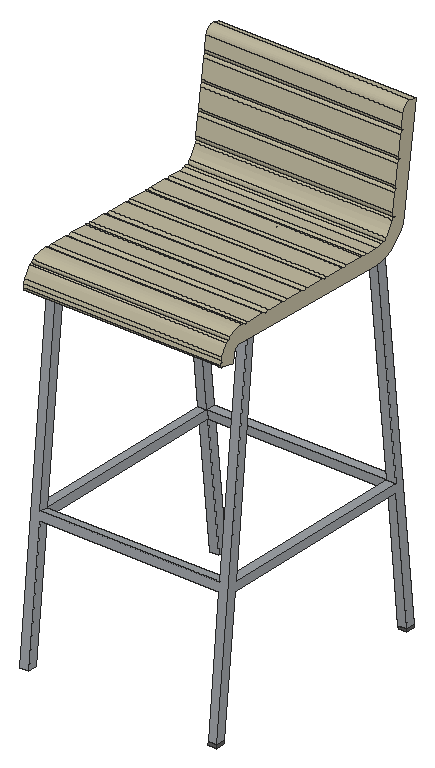
Revit family
Parameters
  URL = "http://www.martinbrattrud.com"
  SCS Certified Product = "Yes"
  Model = "Delaney 1030-03HD"
  Manufacturer = "Martin Brattrud, Inc."
  Leg [instance] = none
  Keynote = "125000"
  Copyright = "© 2013 Martin Brattrud, Inc."
  Chair [instance] = none
  Foot [instance] = none
  Authoring Version = "Revit Architecture 2010"
  Assembly Code = "E2020200"
Reference planes (in)
  plane 1 "Center Front/Back": y = 0
  plane 2: z = 0
  plane 3 "Center Left/Right": x = 0
Forms (in)
  Extrusion 1, solid, material <- "Leg"
    sketch origin (0, 0, 0) x (0, 1, 0) y (0, 0, 1)
      loop
        line (10.59881, 0.25) -> (7.48999, 29.8284) -> (6.7441, 29.75) -> (8.60952, 11.99984) -> (-8.60955, 11.99984) -> (-6.69962, 30.1716) -> (-7.44551, 30.25) -> (-10.59864, 0.25) -> (-9.84451, 0.25) -> (-8.68838, 11.24984) -> (8.68834, 11.24984) -> (9.84435, 0.25) -> (10.59881, 0.25)
    from -8.5 to -7.75
  Extrusion 2, solid, material <- "Leg"
    sketch origin (0, 0, 0) x (0, 1, 0) y (0, 0, -1)
      loop
        line (10.59881, -0.25) -> (9.84435, -0.25) -> (8.68834, -11.24984) -> (-8.68838, -11.24984) -> (-9.84451, -0.25) -> (-10.59864, -0.25) -> (-7.44551, -30.25) -> (-6.69962, -30.1716) -> (-8.60955, -11.99984) -> (8.60952, -11.99984) -> (6.7441, -29.75) -> (7.48999, -29.8284) -> (10.59881, -0.25)
    from -8.5 to -7.75
  Extrusion 3, solid, material <- "Leg"
    sketch origin (0, 0, 0) x (0, 1, 0) y (0, 0, 1)
      loop
        line (6.7441, 29.75) -> (-6.69962, 30.1716) -> (-6.77823, 29.4237) -> (6.82322, 28.99715) -> (6.7441, 29.75)
    from -5.625 to -4.875
  Extrusion 4, solid, material <- "Leg"
    sketch origin (0, 0, 0) x (0, 1, 0) y (0, 0, -1)
      loop
        line (6.7441, -29.75) -> (6.82322, -28.99715) -> (-6.77823, -29.4237) -> (-6.69962, -30.1716) -> (6.7441, -29.75)
    from -5.625 to -4.875
  Extrusion 5, solid, material <- "Leg"
    sketch origin (0, 0, 0) x (0, 1, 0) y (0, 0, 1)
      loop
        line (6.7441, 29.75) -> (6.82249, 29.00411) -> (7.56839, 29.0825) -> (7.48999, 29.8284) -> (6.7441, 29.75)
      loop
        line (-8.60955, 11.99984) -> (-9.35544, 12.07824) -> (-9.43384, 11.33234) -> (-8.68795, 11.25395) -> (-8.60955, 11.99984)
      loop
        line (-7.44551, 30.25) -> (-7.52391, 29.50411) -> (-6.77802, 29.42571) -> (-6.69962, 30.1716) -> (-7.44551, 30.25)
    from -7.75 to 7.75
  Sweep 6, solid, material <- "Chair"
    path origin (0, 0, 0) x (0, 1, 0) y (0, 0, 1)
      loop
        line (10.79864, 40.86481) -> (9.53519, 32.37964)
        arc (9.53519, 32.37964) -> (8.49094, 30.51887) -> (6.47387, 29.82294) r 3
        line (6.47387, 29.82294) -> (-8.09476, 30.27982)
        arc (-8.09476, 30.27982) -> (-8.59167, 30.11191) -> (-8.85704, 29.65948) r 0.75
        line (-8.85704, 29.65948) -> (-8.96271, 29.05566)
        arc (-8.96271, 29.05566) -> (-8.98836, 29.01597) -> (-9.03472, 29.00676) r 0.06061
    profile origin (0, 10.16692, 36.62222) x (0, 0.989095, -0.147277) y (1, 0, 0)
      loop
        spline (0, -0.0625) -> (0.00809, -0.06037) -> (0.01563, -0.05413) -> (0.0221, -0.04419) -> (0.02706, -0.03125) -> (0.03019, -0.01618) -> (0.03125, 0) -> (0.03019, 0.01618) -> (0.02706, 0.03125) -> (0.0221, 0.04419) -> (0.01563, 0.05413) -> (0.00809, 0.06037) -> (0, 0.0625)
        line (0, 0.0625) -> (0, -0.0625)
  Extrusion 7, solid, material <- "Foot"
    sketch origin (0, 0, 0) x (0, 1, 0) y (0, 0, 1)
      loop
        line (9.84435, 0.25) -> (9.87062, 0) -> (10.62508, 0) -> (10.59881, 0.25) -> (9.84435, 0.25)
      loop
        line (-10.59864, 0.25) -> (-10.62492, 0) -> (-9.87079, 0) -> (-9.84451, 0.25) -> (-10.59864, 0.25)
    from 7.75 to 8.5
  Extrusion 8, solid
    sketch origin (0, 15.94152, 5.11142) x (0, 1, 0) y (0, 0, 1)
      loop
        line (-24.90126, 23.88222) -> (-24.79048, 24.51522)
        arc (-24.79048, 24.51522) -> (-24.52408, 24.9694) -> (-24.02525, 25.13796) r 0.7529
        line (-24.02525, 25.13796) -> (-9.47211, 24.68157)
        arc (-9.47211, 24.68157) -> (-7.45504, 25.3775) -> (-6.41079, 27.23826) r 3
        line (-6.41079, 27.23826) -> (-5.14276, 35.75422) -> (-5.63707, 35.82782)
        arc (-5.63707, 35.82782) -> (-6.19397, 35.68865) -> (-6.48935, 35.19646) r 0.75
        line (-6.48935, 35.19646) -> (-6.6505, 34.11421)
        arc (-6.6505, 34.11421) -> (-6.59941, 33.90977) -> (-6.41872, 33.80134) r 0.27533
        arc (-6.41872, 33.80134) -> (-6.62341, 33.74847) -> (-6.73172, 33.56692) r 0.27798
        line (-6.73172, 33.56692) -> (-6.96795, 31.98043)
        arc (-6.96795, 31.98043) -> (-6.92385, 31.8038) -> (-6.76781, 31.71002) r 0.23798
        arc (-6.76781, 31.71002) -> (-6.94979, 31.64283) -> (-7.04351, 31.47298) r 0.27798
        line (-7.04351, 31.47298) -> (-7.28181, 29.87262)
        arc (-7.28181, 29.87262) -> (-7.23059, 29.68685) -> (-7.05862, 29.5999) r 0.23798
        arc (-7.05862, 29.5999) -> (-7.25613, 29.53505) -> (-7.35877, 29.35427) r 0.2885
        line (-7.35877, 29.35427) -> (-7.57673, 27.89046)
        arc (-7.57673, 27.89046) -> (-7.53409, 27.65377) -> (-7.35655, 27.49154) r 0.3754
        arc (-7.35655, 27.49154) -> (-7.51262, 27.49002) -> (-7.61471, 27.37195) r 0.18966
        arc (-7.61471, 27.37195) -> (-7.87272, 26.80578) -> (-8.27592, 26.33191) r 2.25
        arc (-8.27592, 26.33191) -> (-8.3767, 26.14006) -> (-8.32594, 25.92938) r 0.30755
        arc (-8.32594, 25.92938) -> (-8.53844, 26.08086) -> (-8.79834, 26.05722) r 0.3754
        arc (-8.79834, 26.05722) -> (-9.03321, 25.9777) -> (-9.28022, 25.95593) r 1.04201
        line (-9.28022, 25.95593) -> (-10.3405, 25.98918)
        arc (-10.3405, 25.98918) -> (-10.55342, 25.91576) -> (-10.66375, 25.71942) r 0.31681
        arc (-10.66375, 25.71942) -> (-10.71968, 25.91735) -> (-10.90511, 26.00635) r 0.25
        arc (-10.90511, 26.00635) -> (-11.72079, 26.02772) -> (-12.53634, 26.05342) r 153.5554
        arc (-12.53634, 26.05342) -> (-12.68884, 26.00796) -> (-12.78301, 25.87969) r 0.25
        arc (-12.78301, 25.87969) -> (-12.87011, 26.0143) -> (-13.02107, 26.06832) r 0.25
        arc (-13.02107, 26.06832) -> (-13.83524, 26.08706) -> (-14.64913, 26.11529) r 69.87322
        arc (-14.64913, 26.11529) -> (-14.83571, 26.04259) -> (-14.90908, 25.85627) r 0.25
        arc (-14.90908, 25.85627) -> (-14.99117, 26.04488) -> (-15.17957, 26.12746) r 0.28181
        line (-15.17957, 26.12746) -> (-16.80309, 26.19164)
        arc (-16.80309, 26.19164) -> (-17.03239, 26.10217) -> (-17.1227, 25.8732) r 0.30766
        arc (-17.1227, 25.8732) -> (-17.22525, 26.10789) -> (-17.46049, 26.2092) r 0.34867
        line (-17.46049, 26.2092) -> (-18.90934, 26.25351)
        arc (-18.90934, 26.25351) -> (-19.09649, 26.17762) -> (-19.1665, 25.98818) r 0.25
        arc (-19.1665, 25.98818) -> (-19.25611, 26.18286) -> (-19.45349, 26.26635) r 0.29662
        line (-19.45349, 26.26635) -> (-20.91199, 26.31095)
        arc (-20.91199, 26.31095) -> (-21.17736, 26.21566) -> (-21.30642, 25.96496) r 0.3846
        arc (-21.30642, 25.96496) -> (-21.38673, 26.21531) -> (-21.62468, 26.32712) r 0.32938
        line (-21.62468, 26.32712) -> (-23.13672, 26.37062)
        arc (-23.13672, 26.37062) -> (-23.34554, 26.29023) -> (-23.43489, 26.08509) r 0.28986
        arc (-23.43489, 26.08509) -> (-23.50804, 26.29607) -> (-23.71192, 26.38716) r 0.2811
        spline (-23.71192, 26.38716) -> (-23.95284, 26.38597) -> (-24.11699, 26.37729) -> (-24.23356, 26.36367) -> (-24.33124, 26.34757) -> (-24.42485, 26.33023) -> (-24.51401, 26.31152) -> (-24.59764, 26.29121) -> (-24.67683, 26.268) -> (-24.75526, 26.23934) -> (-24.83796, 26.20191) -> (-24.94931, 26.14123) -> (-25.1295, 26.03372)
        arc (-25.1295, 26.03372) -> (-25.21326, 25.91458) -> (-25.18293, 25.77214) r 0.18214
        arc (-25.18293, 25.77214) -> (-25.32931, 25.82133) -> (-25.47135, 25.76071) r 0.217
        spline (-25.47135, 25.76071) -> (-25.53209, 25.69975) -> (-25.58351, 25.6431) -> (-25.62785, 25.58874) -> (-25.66739, 25.53462) -> (-25.70437, 25.47873) -> (-25.74105, 25.41902) -> (-25.77881, 25.35379) -> (-25.8178, 25.28185) -> (-25.85803, 25.20202) -> (-25.89952, 25.11313) -> (-25.9423, 25.01403) -> (-25.98639, 24.90354)
        arc (-25.98639, 24.90354) -> (-26.03958, 24.74364) -> (-26.07809, 24.57959) r 1.85926
        line (-26.07809, 24.57959) -> (-26.13068, 24.27904)
        arc (-26.13068, 24.27904) -> (-26.10087, 24.14537) -> (-25.98527, 24.07193) r 0.17894
        line (-25.98527, 24.07193) -> (-24.90126, 23.88222)
    from -8.5 to 8.5
  Extrusion 9, void
    sketch origin (0, 0, 0) x (0, 1, 0) y (0, 0, 1)
      loop
        line (-8.95974, 28.99364) -> (-8.84896, 29.62664)
        arc (-8.84896, 29.62664) -> (-8.58256, 30.08081) -> (-8.08373, 30.24938) r 0.7529
        line (-8.08373, 30.24938) -> (6.46941, 29.79298)
        arc (6.46941, 29.79298) -> (8.48648, 30.48892) -> (9.53073, 32.34968) r 3
        line (9.53073, 32.34968) -> (10.79876, 40.86564) -> (10.30445, 40.93924)
        arc (10.30445, 40.93924) -> (9.74755, 40.80007) -> (9.45217, 40.30787) r 0.75
        line (9.45217, 40.30787) -> (9.29103, 39.22563)
        arc (9.29103, 39.22563) -> (9.34212, 39.02119) -> (9.5228, 38.91275) r 0.27533
        arc (9.5228, 38.91275) -> (9.31811, 38.85989) -> (9.2098, 38.67833) r 0.27798
        line (9.2098, 38.67833) -> (8.97357, 37.09185)
        arc (8.97357, 37.09185) -> (9.01767, 36.91522) -> (9.17371, 36.82144) r 0.23798
        arc (9.17371, 36.82144) -> (8.99173, 36.75424) -> (8.89801, 36.5844) r 0.27798
        line (8.89801, 36.5844) -> (8.65972, 34.98403)
        arc (8.65972, 34.98403) -> (8.71093, 34.79826) -> (8.8829, 34.71131) r 0.23798
        arc (8.8829, 34.71131) -> (8.68539, 34.64646) -> (8.58275, 34.46569) r 0.2885
        line (8.58275, 34.46569) -> (8.36479, 33.00188)
        arc (8.36479, 33.00188) -> (8.40743, 32.76519) -> (8.58497, 32.60295) r 0.3754
        arc (8.58497, 32.60295) -> (8.4289, 32.60143) -> (8.32681, 32.48337) r 0.18966
        arc (8.32681, 32.48337) -> (8.0688, 31.91719) -> (7.6656, 31.44333) r 2.25
        arc (7.6656, 31.44333) -> (7.56482, 31.25147) -> (7.61558, 31.04079) r 0.30755
        arc (7.61558, 31.04079) -> (7.40308, 31.19228) -> (7.14318, 31.16863) r 0.3754
        arc (7.14318, 31.16863) -> (6.90831, 31.08912) -> (6.6613, 31.06735) r 1.04201
        line (6.6613, 31.06735) -> (5.60102, 31.1006)
        arc (5.60102, 31.1006) -> (5.3881, 31.02718) -> (5.27777, 30.83083) r 0.31681
        arc (5.27777, 30.83083) -> (5.22184, 31.02877) -> (5.03641, 31.11777) r 0.25
        arc (5.03641, 31.11777) -> (4.22073, 31.13913) -> (3.40518, 31.16483) r 153.5554
        arc (3.40518, 31.16483) -> (3.25269, 31.11937) -> (3.15851, 30.9911) r 0.25
        arc (3.15851, 30.9911) -> (3.07141, 31.12572) -> (2.92045, 31.17973) r 0.25
        arc (2.92045, 31.17973) -> (2.10628, 31.19848) -> (1.29239, 31.22671) r 69.87322
        arc (1.29239, 31.22671) -> (1.10581, 31.15401) -> (1.03244, 30.96769) r 0.25
        arc (1.03244, 30.96769) -> (0.95035, 31.1563) -> (0.76195, 31.23888) r 0.28181
        line (0.76195, 31.23888) -> (-0.86156, 31.30306)
        arc (-0.86156, 31.30306) -> (-1.09086, 31.21358) -> (-1.18118, 30.98461) r 0.30766
        arc (-1.18118, 30.98461) -> (-1.28373, 31.21931) -> (-1.51896, 31.32062) r 0.34867
        line (-1.51896, 31.32062) -> (-2.96781, 31.36492)
        arc (-2.96781, 31.36492) -> (-3.15497, 31.28903) -> (-3.22498, 31.0996) r 0.25
        arc (-3.22498, 31.0996) -> (-3.31459, 31.29427) -> (-3.51197, 31.37776) r 0.29662
        line (-3.51197, 31.37776) -> (-4.97047, 31.42236)
        arc (-4.97047, 31.42236) -> (-5.23584, 31.32707) -> (-5.3649, 31.07638) r 0.3846
        arc (-5.3649, 31.07638) -> (-5.44521, 31.32672) -> (-5.68316, 31.43854) r 0.32938
        line (-5.68316, 31.43854) -> (-7.1952, 31.48203)
        arc (-7.1952, 31.48203) -> (-7.40402, 31.40164) -> (-7.49337, 31.1965) r 0.28986
        arc (-7.49337, 31.1965) -> (-7.56652, 31.40749) -> (-7.7704, 31.49858) r 0.2811
        spline (-7.7704, 31.49858) -> (-8.01132, 31.49738) -> (-8.17547, 31.48871) -> (-8.29204, 31.47508) -> (-8.38972, 31.45898) -> (-8.48333, 31.44165) -> (-8.57249, 31.42294) -> (-8.65612, 31.40263) -> (-8.7353, 31.37942) -> (-8.81373, 31.35076) -> (-8.89644, 31.31332) -> (-9.00779, 31.25265) -> (-9.18798, 31.14513)
        arc (-9.18798, 31.14513) -> (-9.27174, 31.02599) -> (-9.2414, 30.88355) r 0.18214
        arc (-9.2414, 30.88355) -> (-9.38779, 30.93275) -> (-9.52983, 30.87212) r 0.217
        spline (-9.52983, 30.87212) -> (-9.59057, 30.81116) -> (-9.64199, 30.75452) -> (-9.68633, 30.70015) -> (-9.72587, 30.64604) -> (-9.76285, 30.59014) -> (-9.79953, 30.53043) -> (-9.83729, 30.46521) -> (-9.87628, 30.39326) -> (-9.91651, 30.31343) -> (-9.958, 30.22455) -> (-10.00078, 30.12544) -> (-10.04486, 30.01495)
        arc (-10.04486, 30.01495) -> (-10.09806, 29.85506) -> (-10.13657, 29.691) r 1.85926
        line (-10.13657, 29.691) -> (-10.18916, 29.39045)
        arc (-10.18916, 29.39045) -> (-10.15935, 29.25678) -> (-10.04375, 29.18335) r 0.17894
        line (-10.04375, 29.18335) -> (-8.95974, 28.99364)
    from 0 to 12
  Extrusion 10, solid, material <- "Leg"
    sketch origin (0, -0.00003, 0) x (0, -1, 0) y (0, 0, -1)
      loop
        line (6.7441, -29.75) -> (7.48999, -29.8284) -> (7.56839, -29.0825) -> (6.82249, -29.00411) -> (6.7441, -29.75)
      loop
        line (-8.60955, -11.99984) -> (-8.68795, -11.25395) -> (-9.43384, -11.33234) -> (-9.35544, -12.07824) -> (-8.60955, -11.99984)
      loop
        line (-7.44551, -30.25) -> (-6.69962, -30.1716) -> (-6.77802, -29.42571) -> (-7.52391, -29.50411) -> (-7.44551, -30.25)
    from -7.75 to 7.75
Cuts and joins
  Extrusion 9 cuts Extrusion 1
  Extrusion 9 cuts Extrusion 2
  Extrusion 9 cuts Extrusion 3
  Extrusion 9 cuts Extrusion 4
  Extrusion 9 cuts Extrusion 5
  joined: Extrusion 1, Extrusion 2, Extrusion 3, Extrusion 4, Extrusion 5, Extrusion 10
